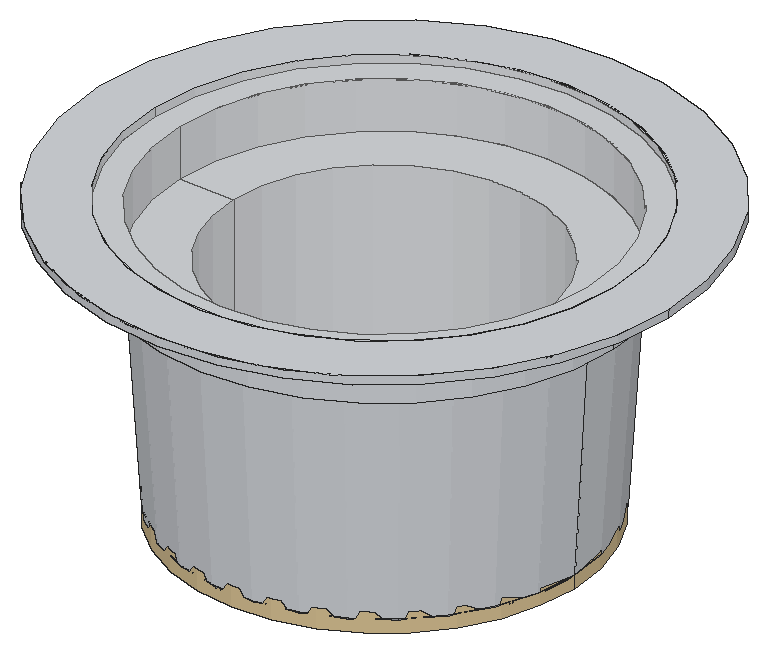
Revit family "Lighting-Terziario-GEWISS-ELIA-AL-LED_INCASSO_ACCENTO_D145", category Apparecchi per illuminazione, host Superficie, Revit 2019 (continued)
Types (16, lengths in mm): name | Temperatura di colore: | Temperatura di colore | Scheda Tecnica | Ottica | built-in parameter 1150142 | Lumen output (lm) | Model | IDT | File diagramma fotometrico | Description
  GWF1410GG840 - ELIA AL S2 40K 36° ST.ALONE ON/OFF CRI80 | "4000K" | "4000K" | "https://www.gewiss.com/it/it/search?q=GWF1410GG840" | "36°" | "IESNA:LM-63-1995\r\n[TEST] 1\r\n[DATE] 27 Nov 2019\r\n[MANUFAC] GEWISS\r\n[LUMCAT] GWF1410GG840\r\n[LUMINAIRE] ELIA AL - S2 36° LED840 18W\r\n[FLASHAREA] 0.002016\r\n[LAMPCAT] LED 18W/2030lm\r\n[LAMP] LED 18W/2030lm\r\nTILT=NONE\r\n1 2030.00 1.0 91 4 1 2 -0.103 0.000 0.000\r\n1.00 1.00 18.00\r\n0.00 1.00 2.00 3.00 4.00 5.00 6.00 7.00 8.00 9.00 10.00 \r\n11.00 12.00 13.00 14.00 15.00 16.00 17.00 18.00 19.00 \r\n20.00 21.00 22.00 23.00 24.00 25.00 26.00 27.00 28.00 \r\n29.00 30.00 31.00 32.00 33.00 34.00 35.00 36.00 37.00 \r\n38.00 39.00 40.00 41.00 42.00 43.00 44.00 45.00 46.00 \r\n47.00 48.00 49.00 50.00 51.00 52.00 53.00 54.00 55.00 \r\n56.00 57.00 58.00 59.00 60.00 61.00 62.00 63.00 64.00 \r\n65.00 66.00 67.00 68.00 69.00 70.00 71.00 72.00 73.00 \r\n74.00 75.00 76.00 77.00 78.00 79.00 80.00 81.00 82.00 \r\n83.00 84.00 85.00 86.00 87.00 88.00 89.00 90.00 \r\n0.00 30.00 60.00 90.00 \r\n4384.80 4371.60 4342.17 4301.57 4251.84 4183.83 4092.48 \r\n3996.05 3877.30 3746.36 3603.25 3442.88 3271.34 3088.64 \r\n2897.82 2707.00 2508.06 2312.37 2120.33 1936.21 1759.30 \r\n1595.78 1445.66 1301.74 1178.11 1066.36 965.57 877.97 \r\n799.01 728.87 666.75 611.13 560.79 515.01 474.21 436.96 \r\n400.82 368.34 337.59 309.27 280.04 253.04 226.18 197.86 \r\n169.18 140.09 111.73 87.76 67.22 48.19 32.87 23.25 17.20 \r\n11.67 7.91 5.84 4.59 3.70 3.04 2.51 2.13 1.83 1.55 1.38 \r\n1.24 1.11 1.05 1.00 0.94 0.90 0.83 0.80 0.74 0.69 0.65 \r\n0.59 0.54 0.49 0.41 0.34 0.25 0.16 0.11 0.04 0.00 0.00 \r\n0.00 0.00 0.00 0.00 0.00 \r\n4369.57 4361.45 4332.02 4294.46 4238.13 4173.17 4087.40 \r\n3989.96 3874.76 3740.27 3593.10 3431.71 3260.18 3077.99 \r\n2891.73 2699.90 2504.00 2309.18 2118.36 1932.10 1757.88 \r\n1593.40 1443.74 1306.46 1180.24 1068.03 968.06 879.35 \r\n800.68 731.00 668.53 613.92 565.20 520.59 480.96 443.91 \r\n410.31 377.33 347.43 319.07 290.54 262.86 236.01 206.14 \r\n176.79 146.31 116.01 89.18 66.30 46.79 32.01 22.44 16.02 \r\n10.52 7.30 5.52 4.38 3.60 2.99 2.51 2.13 1.82 1.54 1.36 \r\n1.24 1.13 1.06 1.02 0.98 0.90 0.85 0.81 0.75 0.71 0.65 \r\n0.60 0.54 0.48 0.41 0.33 0.25 0.15 0.08 0.04 0.00 0.00 \r\n0.00 0.00 0.00 0.00 0.00 \r\n4370.59 4360.44 4336.59 4295.48 4243.71 4177.23 4095.52 \r\n3993.01 3878.82 3741.80 3595.13 3432.22 3259.16 3080.02 \r\n2893.76 2701.93 2507.05 2312.47 2120.44 1938.45 1762.55 \r\n1599.49 1451.45 1314.63 1189.48 1076.51 975.57 886.40 \r\n806.67 737.04 675.23 620.88 572.92 529.93 491.67 456.39 \r\n423.81 392.70 362.86 333.88 306.58 278.58 250.39 220.55 \r\n189.44 156.68 123.06 91.23 64.50 45.12 31.61 21.67 14.00 \r\n9.26 6.75 5.29 4.29 3.54 2.98 2.54 2.14 1.79 1.54 1.37 \r\n1.25 1.16 1.10 1.04 0.98 0.93 0.87 0.83 0.77 0.72 0.67 \r\n0.62 0.56 0.49 0.43 0.35 0.25 0.18 0.12 0.05 0.00 0.00 \r\n0.00 0.00 0.00 0.00 0.00 \r\n4370.59 4359.42 4338.11 4298.52 4242.70 4176.72 4092.48 \r\n3988.95 3873.24 3746.36 3595.13 3431.71 3260.18 3078.49 \r\n2892.75 2703.96 2509.08 2315.21 2123.68 1939.36 1767.11 \r\n1606.74 1460.08 1317.88 1193.13 1079.86 978.76 888.84 \r\n810.07 739.33 676.80 622.30 575.40 533.48 496.23 459.39 \r\n427.72 397.27 367.02 338.60 311.60 283.98 255.13 224.89 \r\n192.92 159.33 123.50 89.24 60.62 42.72 31.53 21.00 12.88 \r\n8.78 6.64 5.25 4.29 3.56 3.01 2.57 2.16 1.80 1.57 1.36 \r\n1.26 1.18 1.12 1.06 1.00 0.96 0.89 0.84 0.79 0.75 0.68 \r\n0.63 0.57 0.50 0.44 0.36 0.26 0.19 0.14 0.03 0.00 0.00 \r\n0.00 0.00 0.00 0.00 0.00 \r\n" | "2030" | "GWF1410GG840" | "c74fc45e-5331-465a-8a47-f05de2238447" | "GWF1410GG840.IES" | "ELIA AL S2 40K 36° ST.ALONE ON/OFF CRI80"
  GWF1410GG940 - ELIA AL S2 40K 36° ST.ALONE ON/OFF CRI90 | "4000K" | "4000K" | "https://www.gewiss.com/it/it/search?q=GWF1410GG940" | "36°" | "IESNA:LM-63-1995\r\n[TEST] 1\r\n[DATE] 27 Nov 2019\r\n[MANUFAC] GEWISS\r\n[LUMCAT] GWF1410GG940\r\n[LUMINAIRE] ELIA AL - S2 36° LED940 18W\r\n[FLASHAREA] 0.002016\r\n[LAMPCAT] LED 18W/1700lm\r\n[LAMP] LED 18W/1700lm\r\nTILT=NONE\r\n1 1700.00 1.0 91 4 1 2 -0.103 0.000 0.000\r\n1.00 1.00 18.00\r\n0.00 1.00 2.00 3.00 4.00 5.00 6.00 7.00 8.00 9.00 10.00 \r\n11.00 12.00 13.00 14.00 15.00 16.00 17.00 18.00 19.00 \r\n20.00 21.00 22.00 23.00 24.00 25.00 26.00 27.00 28.00 \r\n29.00 30.00 31.00 32.00 33.00 34.00 35.00 36.00 37.00 \r\n38.00 39.00 40.00 41.00 42.00 43.00 44.00 45.00 46.00 \r\n47.00 48.00 49.00 50.00 51.00 52.00 53.00 54.00 55.00 \r\n56.00 57.00 58.00 59.00 60.00 61.00 62.00 63.00 64.00 \r\n65.00 66.00 67.00 68.00 69.00 70.00 71.00 72.00 73.00 \r\n74.00 75.00 76.00 77.00 78.00 79.00 80.00 81.00 82.00 \r\n83.00 84.00 85.00 86.00 87.00 88.00 89.00 90.00 \r\n0.00 30.00 60.00 90.00 \r\n3672.00 3660.95 3636.30 3602.30 3560.65 3503.70 3427.20 \r\n3346.45 3247.00 3137.35 3017.50 2883.20 2739.55 2586.55 \r\n2426.75 2266.95 2100.35 1936.47 1775.65 1621.46 1473.30 \r\n1336.37 1210.65 1090.13 986.60 893.01 808.60 735.25 \r\n669.12 610.38 558.37 511.79 469.63 431.29 397.12 365.93 \r\n335.66 308.46 282.71 259.00 234.51 211.91 189.41 165.70 \r\n141.68 117.32 93.57 73.49 56.30 40.36 27.53 19.47 14.40 \r\n9.78 6.63 4.89 3.84 3.10 2.54 2.10 1.78 1.53 1.30 1.15 \r\n1.04 0.93 0.88 0.83 0.78 0.75 0.70 0.67 0.62 0.58 0.54 \r\n0.49 0.46 0.41 0.34 0.28 0.21 0.13 0.09 0.04 0.00 0.00 \r\n0.00 0.00 0.00 0.00 0.00 \r\n3659.25 3652.45 3627.80 3596.35 3549.17 3494.78 3422.95 \r\n3341.35 3244.88 3132.25 3009.00 2873.85 2730.20 2577.63 \r\n2421.65 2261.00 2096.95 1933.79 1773.99 1618.02 1472.12 \r\n1334.37 1209.04 1094.08 988.38 894.41 810.69 736.40 \r\n670.52 612.17 559.85 514.12 473.32 435.96 402.77 371.75 \r\n343.61 315.99 290.95 267.20 243.31 220.13 197.64 172.63 \r\n148.05 122.52 97.16 74.68 55.52 39.18 26.81 18.79 13.41 \r\n8.81 6.11 4.62 3.67 3.01 2.50 2.10 1.79 1.52 1.29 1.14 \r\n1.04 0.95 0.89 0.85 0.82 0.75 0.71 0.67 0.63 0.60 0.54 \r\n0.50 0.46 0.40 0.34 0.28 0.21 0.13 0.06 0.04 0.00 0.00 \r\n0.00 0.00 0.00 0.00 0.00 \r\n3660.10 3651.60 3631.63 3597.20 3553.85 3498.17 3429.75 \r\n3343.90 3248.28 3133.53 3010.70 2874.28 2729.35 2579.32 \r\n2423.35 2262.70 2099.50 1936.56 1775.73 1623.33 1476.02 \r\n1339.47 1215.50 1100.92 996.12 901.51 816.98 742.30 \r\n675.54 617.23 565.46 519.95 479.78 443.79 411.74 382.20 \r\n354.92 328.86 303.88 279.61 256.74 233.29 209.68 184.70 \r\n158.64 131.21 103.05 76.40 54.02 37.79 26.47 18.14 11.73 \r\n7.75 5.66 4.43 3.59 2.97 2.49 2.12 1.79 1.50 1.29 1.15 \r\n1.04 0.97 0.92 0.87 0.82 0.78 0.73 0.69 0.65 0.60 0.56 \r\n0.52 0.47 0.41 0.36 0.29 0.21 0.15 0.10 0.04 0.00 0.00 \r\n0.00 0.00 0.00 0.00 0.00 \r\n3660.10 3650.75 3632.90 3599.75 3553.00 3497.75 3427.20 \r\n3340.50 3243.60 3137.35 3010.70 2873.85 2730.20 2578.05 \r\n2422.50 2264.40 2101.20 1938.85 1778.46 1624.10 1479.85 \r\n1345.55 1222.72 1103.64 999.17 904.32 819.65 744.35 \r\n678.38 619.14 566.78 521.13 481.86 446.76 415.56 384.71 \r\n358.19 332.69 307.36 283.56 260.95 237.81 213.66 188.33 \r\n161.56 133.43 103.42 74.73 50.76 35.78 26.40 17.58 10.78 \r\n7.35 5.56 4.40 3.59 2.98 2.52 2.15 1.81 1.51 1.31 1.14 \r\n1.06 0.99 0.94 0.89 0.84 0.80 0.75 0.70 0.67 0.63 0.57 \r\n0.53 0.48 0.42 0.37 0.30 0.22 0.16 0.12 0.03 0.00 0.00 \r\n0.00 0.00 0.00 0.00 0.00 \r\n" | "1800" | "GWF1410GG940" | "f75aa58f-56a7-48f4-a8f0-7e059a3f3fe6" | "GWF1410GG940.IES" | "ELIA AL S2 40K 36° ST.ALONE ON/OFF CRI90"
  GWF1411GH840 - ELIA AL S2 40K 60° ST.ALONE DALI CRI80 | "4000K" | "4000K" | "https://www.gewiss.com/it/it/search?q=GWF1411GH840" | "60°" | "IESNA:LM-63-1995\r\n[TEST] 1\r\n[DATE] 27 Nov 2019\r\n[MANUFAC] GEWISS\r\n[LUMCAT] GWF1411GH840\r\n[LUMINAIRE] ELIA AL - S2 60° LED840 18W - DALI\r\n[FLASHAREA] 0.002016\r\n[LAMPCAT] LED 18W/2120lm\r\n[LAMP] LED 18W/2120lm\r\nTILT=NONE\r\n1 2120.00 1.0 91 4 1 2 -0.103 0.000 0.000\r\n1.00 1.00 18.00\r\n0.00 1.00 2.00 3.00 4.00 5.00 6.00 7.00 8.00 9.00 10.00 \r\n11.00 12.00 13.00 14.00 15.00 16.00 17.00 18.00 19.00 \r\n20.00 21.00 22.00 23.00 24.00 25.00 26.00 27.00 28.00 \r\n29.00 30.00 31.00 32.00 33.00 34.00 35.00 36.00 37.00 \r\n38.00 39.00 40.00 41.00 42.00 43.00 44.00 45.00 46.00 \r\n47.00 48.00 49.00 50.00 51.00 52.00 53.00 54.00 55.00 \r\n56.00 57.00 58.00 59.00 60.00 61.00 62.00 63.00 64.00 \r\n65.00 66.00 67.00 68.00 69.00 70.00 71.00 72.00 73.00 \r\n74.00 75.00 76.00 77.00 78.00 79.00 80.00 81.00 82.00 \r\n83.00 84.00 85.00 86.00 87.00 88.00 89.00 90.00 \r\n0.00 30.00 60.00 90.00 \r\n2524.92 2527.04 2530.22 2533.40 2534.46 2530.22 2521.74 \r\n2510.08 2498.42 2484.64 2471.92 2458.14 2439.06 2414.68 \r\n2385.00 2347.90 2300.20 2244.02 2180.42 2107.17 2028.20 \r\n1942.87 1852.14 1754.94 1653.81 1547.71 1439.59 1334.43 \r\n1225.57 1117.03 1011.03 911.18 820.97 739.67 666.32 \r\n600.28 540.60 487.28 438.52 393.37 351.71 312.91 276.87 \r\n242.32 209.48 176.86 145.51 115.06 87.47 65.61 48.39 \r\n34.57 23.60 16.37 11.20 7.23 4.60 3.01 2.37 2.02 1.76 \r\n1.58 1.39 1.22 1.10 1.00 0.94 0.89 0.84 0.80 0.75 0.72 \r\n0.68 0.64 0.59 0.54 0.50 0.45 0.39 0.32 0.25 0.19 0.12 \r\n0.06 0.00 0.00 0.00 0.00 0.00 0.00 0.00 \r\n2512.20 2514.32 2518.03 2519.62 2516.97 2511.14 2503.72 \r\n2494.18 2483.58 2470.86 2459.20 2443.30 2424.22 2398.25 \r\n2367.51 2329.88 2282.71 2227.06 2163.57 2092.86 2015.43 \r\n1931.48 1842.81 1748.42 1649.31 1545.80 1439.22 1332.37 \r\n1225.31 1117.56 1010.92 912.71 823.04 741.79 669.66 \r\n604.25 544.95 491.63 442.97 398.03 355.84 316.78 280.74 \r\n246.19 212.77 180.19 148.57 117.53 89.16 66.45 49.31 \r\n35.08 23.73 16.41 11.28 7.30 4.53 3.03 2.36 1.98 1.75 \r\n1.58 1.39 1.22 1.08 0.99 0.93 0.88 0.83 0.78 0.75 0.71 \r\n0.67 0.62 0.59 0.54 0.49 0.43 0.39 0.33 0.26 0.18 0.10 \r\n0.05 0.00 0.00 0.00 0.00 0.00 0.00 0.00 \r\n2512.20 2513.79 2517.50 2519.62 2516.97 2512.20 2501.60 \r\n2489.94 2478.28 2466.09 2454.43 2439.59 2419.98 2395.60 \r\n2364.86 2327.76 2281.12 2225.47 2162.03 2091.22 2013.89 \r\n1929.84 1840.96 1746.40 1646.66 1542.62 1436.35 1329.45 \r\n1224.67 1119.15 1013.20 913.77 823.51 741.95 669.66 \r\n604.47 545.85 492.85 444.56 400.36 357.86 318.69 283.55 \r\n248.68 214.38 181.64 149.48 118.15 89.04 66.31 49.70 \r\n35.09 23.84 16.48 11.37 7.38 4.47 3.10 2.36 2.00 1.78 \r\n1.60 1.41 1.24 1.09 1.01 0.96 0.90 0.84 0.80 0.76 0.72 \r\n0.67 0.64 0.60 0.55 0.51 0.45 0.40 0.33 0.27 0.20 0.11 \r\n0.03 0.00 0.00 0.00 0.00 0.00 0.00 0.00 \r\n2512.20 2513.26 2518.56 2520.68 2520.68 2514.32 2503.72 \r\n2489.94 2476.16 2463.44 2448.60 2434.82 2414.68 2391.36 \r\n2361.68 2323.52 2275.82 2220.70 2155.51 2085.76 2007.85 \r\n1924.01 1835.18 1741.26 1642.15 1538.48 1432.27 1325.00 \r\n1222.92 1117.56 1011.24 911.92 822.45 741.68 669.92 \r\n604.52 545.58 492.58 444.78 400.57 358.07 319.27 284.40 \r\n250.27 215.05 182.26 149.59 118.44 88.82 65.97 49.80 \r\n34.93 23.87 16.54 11.48 7.47 4.43 3.16 2.40 2.04 1.82 \r\n1.65 1.47 1.29 1.12 1.05 0.98 0.92 0.87 0.82 0.78 0.73 \r\n0.69 0.65 0.62 0.56 0.51 0.46 0.40 0.35 0.27 0.20 0.11 \r\n0.02 0.00 0.00 0.00 0.00 0.00 0.00 0.00 \r\n" | "2120" | "GWF1411GH840" | "667133ee-599f-45c0-937f-e0b86aa15917" | "GWF1411GH840.IES" | "ELIA AL S2 40K 60° ST.ALONE DALI CRI80"
  GWF1411GH940 - ELIA AL S2 40K 60° ST.ALONE DALI CRI90 | "4000K" | "4000K" | "https://www.gewiss.com/it/it/search?q=GWF1411GH940" | "60°" | "IESNA:LM-63-1995\r\n[TEST] 1\r\n[DATE] 27 Nov 2019\r\n[MANUFAC] GEWISS\r\n[LUMCAT] GWF1411GH940\r\n[LUMINAIRE] ELIA AL - S2 60° LED940 18W - DALI\r\n[FLASHAREA] 0.002016\r\n[LAMPCAT] LED 18W/1800lm\r\n[LAMP] LED 18W/1800lm\r\nTILT=NONE\r\n1 1800.00 1.0 91 4 1 2 -0.103 0.000 0.000\r\n1.00 1.00 18.00\r\n0.00 1.00 2.00 3.00 4.00 5.00 6.00 7.00 8.00 9.00 10.00 \r\n11.00 12.00 13.00 14.00 15.00 16.00 17.00 18.00 19.00 \r\n20.00 21.00 22.00 23.00 24.00 25.00 26.00 27.00 28.00 \r\n29.00 30.00 31.00 32.00 33.00 34.00 35.00 36.00 37.00 \r\n38.00 39.00 40.00 41.00 42.00 43.00 44.00 45.00 46.00 \r\n47.00 48.00 49.00 50.00 51.00 52.00 53.00 54.00 55.00 \r\n56.00 57.00 58.00 59.00 60.00 61.00 62.00 63.00 64.00 \r\n65.00 66.00 67.00 68.00 69.00 70.00 71.00 72.00 73.00 \r\n74.00 75.00 76.00 77.00 78.00 79.00 80.00 81.00 82.00 \r\n83.00 84.00 85.00 86.00 87.00 88.00 89.00 90.00 \r\n0.00 30.00 60.00 90.00 \r\n2143.80 2145.60 2148.30 2151.00 2151.90 2148.30 2141.10 \r\n2131.20 2121.30 2109.60 2098.80 2087.10 2070.90 2050.20 \r\n2025.00 1993.50 1953.00 1905.30 1851.30 1789.11 1722.06 \r\n1649.61 1572.57 1490.04 1404.18 1314.09 1222.29 1133.01 \r\n1040.58 948.42 858.42 773.64 697.05 628.02 565.74 509.67 \r\n459.00 413.73 372.33 333.99 298.62 265.68 235.08 205.74 \r\n177.86 150.16 123.54 97.69 74.27 55.71 41.09 29.35 20.04 \r\n13.90 9.51 6.14 3.91 2.56 2.01 1.71 1.49 1.34 1.18 1.03 \r\n0.93 0.85 0.80 0.75 0.71 0.68 0.63 0.61 0.57 0.54 0.50 \r\n0.46 0.42 0.38 0.33 0.27 0.21 0.16 0.10 0.05 0.00 0.00 \r\n0.00 0.00 0.00 0.00 0.00 \r\n2133.00 2134.80 2137.95 2139.30 2137.05 2132.10 2125.80 \r\n2117.70 2108.70 2097.90 2088.00 2074.50 2058.30 2036.25 \r\n2010.15 1978.20 1938.15 1890.90 1836.99 1776.96 1711.21 \r\n1639.94 1564.65 1484.51 1400.36 1312.47 1221.98 1131.26 \r\n1040.36 948.87 858.33 774.94 698.81 629.82 568.58 513.04 \r\n462.69 417.42 376.11 337.95 302.13 268.97 238.37 209.03 \r\n180.66 152.99 126.15 99.79 75.70 56.42 41.86 29.79 20.15 \r\n13.93 9.58 6.20 3.85 2.57 2.00 1.68 1.49 1.34 1.18 1.03 \r\n0.92 0.84 0.79 0.75 0.70 0.67 0.63 0.60 0.57 0.53 0.50 \r\n0.46 0.41 0.37 0.33 0.28 0.22 0.16 0.09 0.04 0.00 0.00 \r\n0.00 0.00 0.00 0.00 0.00 \r\n2133.00 2134.35 2137.50 2139.30 2137.05 2133.00 2124.00 \r\n2114.10 2104.20 2093.85 2083.95 2071.35 2054.70 2034.00 \r\n2007.90 1976.40 1936.80 1889.55 1835.69 1775.57 1709.91 \r\n1638.54 1563.08 1482.80 1398.11 1309.77 1219.55 1128.78 \r\n1039.82 950.22 860.26 775.85 699.21 629.96 568.58 513.23 \r\n463.46 418.45 377.46 339.93 303.84 270.58 240.75 211.14 \r\n182.02 154.22 126.92 100.32 75.60 56.30 42.20 29.79 20.24 \r\n13.99 9.65 6.27 3.80 2.63 2.00 1.69 1.51 1.36 1.20 1.05 \r\n0.93 0.85 0.81 0.76 0.72 0.68 0.64 0.61 0.57 0.54 0.51 \r\n0.46 0.43 0.38 0.34 0.28 0.23 0.17 0.10 0.02 0.00 0.00 \r\n0.00 0.00 0.00 0.00 0.00 \r\n2133.00 2133.90 2138.40 2140.20 2140.20 2134.80 2125.80 \r\n2114.10 2102.40 2091.60 2079.00 2067.30 2050.20 2030.40 \r\n2005.20 1972.80 1932.30 1885.50 1830.15 1770.93 1704.78 \r\n1633.59 1558.17 1478.43 1394.28 1306.26 1216.08 1125.00 \r\n1038.33 948.87 858.60 774.27 698.31 629.73 568.80 513.27 \r\n463.23 418.23 377.64 340.11 304.02 271.08 241.47 212.49 \r\n182.59 154.75 127.01 100.57 75.41 56.02 42.28 29.66 20.27 \r\n14.05 9.74 6.34 3.76 2.68 2.04 1.73 1.54 1.40 1.24 1.10 \r\n0.95 0.89 0.83 0.78 0.73 0.70 0.66 0.62 0.59 0.55 0.52 \r\n0.47 0.44 0.39 0.34 0.30 0.23 0.17 0.10 0.02 0.00 0.00 \r\n0.00 0.00 0.00 0.00 0.00 \r\n" | "1900" | "GWF1411GH940" | "40448338-f630-44a4-b37d-0c013efb62a7" | "GWF1411GH940.IES" | "ELIA AL S2 40K 60° ST.ALONE DALI CRI90"
  GWF1410GH840 - ELIA AL S2 40K 60° ST.ALONE ON/OFF CRI80 | "4000K" | "4000K" | "https://www.gewiss.com/it/it/search?q=GWF1410GH840" | "60°" | "IESNA:LM-63-1995\r\n[TEST] 1\r\n[DATE] 27 Nov 2019\r\n[MANUFAC] GEWISS\r\n[LUMCAT] GWF1410GH840\r\n[LUMINAIRE] ELIA AL - S2 60° LED840 18W\r\n[FLASHAREA] 0.002016\r\n[LAMPCAT] LED 18W/2120lm\r\n[LAMP] LED 18W/2120lm\r\nTILT=NONE\r\n1 2120.00 1.0 91 4 1 2 -0.103 0.000 0.000\r\n1.00 1.00 18.00\r\n0.00 1.00 2.00 3.00 4.00 5.00 6.00 7.00 8.00 9.00 10.00 \r\n11.00 12.00 13.00 14.00 15.00 16.00 17.00 18.00 19.00 \r\n20.00 21.00 22.00 23.00 24.00 25.00 26.00 27.00 28.00 \r\n29.00 30.00 31.00 32.00 33.00 34.00 35.00 36.00 37.00 \r\n38.00 39.00 40.00 41.00 42.00 43.00 44.00 45.00 46.00 \r\n47.00 48.00 49.00 50.00 51.00 52.00 53.00 54.00 55.00 \r\n56.00 57.00 58.00 59.00 60.00 61.00 62.00 63.00 64.00 \r\n65.00 66.00 67.00 68.00 69.00 70.00 71.00 72.00 73.00 \r\n74.00 75.00 76.00 77.00 78.00 79.00 80.00 81.00 82.00 \r\n83.00 84.00 85.00 86.00 87.00 88.00 89.00 90.00 \r\n0.00 30.00 60.00 90.00 \r\n2524.92 2527.04 2530.22 2533.40 2534.46 2530.22 2521.74 \r\n2510.08 2498.42 2484.64 2471.92 2458.14 2439.06 2414.68 \r\n2385.00 2347.90 2300.20 2244.02 2180.42 2107.17 2028.20 \r\n1942.87 1852.14 1754.94 1653.81 1547.71 1439.59 1334.43 \r\n1225.57 1117.03 1011.03 911.18 820.97 739.67 666.32 \r\n600.28 540.60 487.28 438.52 393.37 351.71 312.91 276.87 \r\n242.32 209.48 176.86 145.51 115.06 87.47 65.61 48.39 \r\n34.57 23.60 16.37 11.20 7.23 4.60 3.01 2.37 2.02 1.76 \r\n1.58 1.39 1.22 1.10 1.00 0.94 0.89 0.84 0.80 0.75 0.72 \r\n0.68 0.64 0.59 0.54 0.50 0.45 0.39 0.32 0.25 0.19 0.12 \r\n0.06 0.00 0.00 0.00 0.00 0.00 0.00 0.00 \r\n2512.20 2514.32 2518.03 2519.62 2516.97 2511.14 2503.72 \r\n2494.18 2483.58 2470.86 2459.20 2443.30 2424.22 2398.25 \r\n2367.51 2329.88 2282.71 2227.06 2163.57 2092.86 2015.43 \r\n1931.48 1842.81 1748.42 1649.31 1545.80 1439.22 1332.37 \r\n1225.31 1117.56 1010.92 912.71 823.04 741.79 669.66 \r\n604.25 544.95 491.63 442.97 398.03 355.84 316.78 280.74 \r\n246.19 212.77 180.19 148.57 117.53 89.16 66.45 49.31 \r\n35.08 23.73 16.41 11.28 7.30 4.53 3.03 2.36 1.98 1.75 \r\n1.58 1.39 1.22 1.08 0.99 0.93 0.88 0.83 0.78 0.75 0.71 \r\n0.67 0.62 0.59 0.54 0.49 0.43 0.39 0.33 0.26 0.18 0.10 \r\n0.05 0.00 0.00 0.00 0.00 0.00 0.00 0.00 \r\n2512.20 2513.79 2517.50 2519.62 2516.97 2512.20 2501.60 \r\n2489.94 2478.28 2466.09 2454.43 2439.59 2419.98 2395.60 \r\n2364.86 2327.76 2281.12 2225.47 2162.03 2091.22 2013.89 \r\n1929.84 1840.96 1746.40 1646.66 1542.62 1436.35 1329.45 \r\n1224.67 1119.15 1013.20 913.77 823.51 741.95 669.66 \r\n604.47 545.85 492.85 444.56 400.36 357.86 318.69 283.55 \r\n248.68 214.38 181.64 149.48 118.15 89.04 66.31 49.70 \r\n35.09 23.84 16.48 11.37 7.38 4.47 3.10 2.36 2.00 1.78 \r\n1.60 1.41 1.24 1.09 1.01 0.96 0.90 0.84 0.80 0.76 0.72 \r\n0.67 0.64 0.60 0.55 0.51 0.45 0.40 0.33 0.27 0.20 0.11 \r\n0.03 0.00 0.00 0.00 0.00 0.00 0.00 0.00 \r\n2512.20 2513.26 2518.56 2520.68 2520.68 2514.32 2503.72 \r\n2489.94 2476.16 2463.44 2448.60 2434.82 2414.68 2391.36 \r\n2361.68 2323.52 2275.82 2220.70 2155.51 2085.76 2007.85 \r\n1924.01 1835.18 1741.26 1642.15 1538.48 1432.27 1325.00 \r\n1222.92 1117.56 1011.24 911.92 822.45 741.68 669.92 \r\n604.52 545.58 492.58 444.78 400.57 358.07 319.27 284.40 \r\n250.27 215.05 182.26 149.59 118.44 88.82 65.97 49.80 \r\n34.93 23.87 16.54 11.48 7.47 4.43 3.16 2.40 2.04 1.82 \r\n1.65 1.47 1.29 1.12 1.05 0.98 0.92 0.87 0.82 0.78 0.73 \r\n0.69 0.65 0.62 0.56 0.51 0.46 0.40 0.35 0.27 0.20 0.11 \r\n0.02 0.00 0.00 0.00 0.00 0.00 0.00 0.00 \r\n" | "2120" | "GWF1410GH840" | "16aa70c8-4c66-460e-92ca-840148c706a6" | "GWF1410GH840.IES" | "ELIA AL S2 40K 60° ST.ALONE ON/OFF CRI80"
  GWF1410GH940 - ELIA AL S2 40K 60° ST.ALONE ON/OFF CRI90 | "4000K" | "4000K" | "https://www.gewiss.com/it/it/search?q=GWF1410GH940" | "60°" | "IESNA:LM-63-1995\r\n[TEST] 1\r\n[DATE] 27 Nov 2019\r\n[MANUFAC] GEWISS\r\n[LUMCAT] GWF1410GH940\r\n[LUMINAIRE] ELIA AL - S2 60° LED940 18W\r\n[FLASHAREA] 0.002016\r\n[LAMPCAT] LED 18W/1800lm\r\n[LAMP] LED 18W/1800lm\r\nTILT=NONE\r\n1 1800.00 1.0 91 4 1 2 -0.103 0.000 0.000\r\n1.00 1.00 18.00\r\n0.00 1.00 2.00 3.00 4.00 5.00 6.00 7.00 8.00 9.00 10.00 \r\n11.00 12.00 13.00 14.00 15.00 16.00 17.00 18.00 19.00 \r\n20.00 21.00 22.00 23.00 24.00 25.00 26.00 27.00 28.00 \r\n29.00 30.00 31.00 32.00 33.00 34.00 35.00 36.00 37.00 \r\n38.00 39.00 40.00 41.00 42.00 43.00 44.00 45.00 46.00 \r\n47.00 48.00 49.00 50.00 51.00 52.00 53.00 54.00 55.00 \r\n56.00 57.00 58.00 59.00 60.00 61.00 62.00 63.00 64.00 \r\n65.00 66.00 67.00 68.00 69.00 70.00 71.00 72.00 73.00 \r\n74.00 75.00 76.00 77.00 78.00 79.00 80.00 81.00 82.00 \r\n83.00 84.00 85.00 86.00 87.00 88.00 89.00 90.00 \r\n0.00 30.00 60.00 90.00 \r\n2143.80 2145.60 2148.30 2151.00 2151.90 2148.30 2141.10 \r\n2131.20 2121.30 2109.60 2098.80 2087.10 2070.90 2050.20 \r\n2025.00 1993.50 1953.00 1905.30 1851.30 1789.11 1722.06 \r\n1649.61 1572.57 1490.04 1404.18 1314.09 1222.29 1133.01 \r\n1040.58 948.42 858.42 773.64 697.05 628.02 565.74 509.67 \r\n459.00 413.73 372.33 333.99 298.62 265.68 235.08 205.74 \r\n177.86 150.16 123.54 97.69 74.27 55.71 41.09 29.35 20.04 \r\n13.90 9.51 6.14 3.91 2.56 2.01 1.71 1.49 1.34 1.18 1.03 \r\n0.93 0.85 0.80 0.75 0.71 0.68 0.63 0.61 0.57 0.54 0.50 \r\n0.46 0.42 0.38 0.33 0.27 0.21 0.16 0.10 0.05 0.00 0.00 \r\n0.00 0.00 0.00 0.00 0.00 \r\n2133.00 2134.80 2137.95 2139.30 2137.05 2132.10 2125.80 \r\n2117.70 2108.70 2097.90 2088.00 2074.50 2058.30 2036.25 \r\n2010.15 1978.20 1938.15 1890.90 1836.99 1776.96 1711.21 \r\n1639.94 1564.65 1484.51 1400.36 1312.47 1221.98 1131.26 \r\n1040.36 948.87 858.33 774.94 698.81 629.82 568.58 513.04 \r\n462.69 417.42 376.11 337.95 302.13 268.97 238.37 209.03 \r\n180.66 152.99 126.15 99.79 75.70 56.42 41.86 29.79 20.15 \r\n13.93 9.58 6.20 3.85 2.57 2.00 1.68 1.49 1.34 1.18 1.03 \r\n0.92 0.84 0.79 0.75 0.70 0.67 0.63 0.60 0.57 0.53 0.50 \r\n0.46 0.41 0.37 0.33 0.28 0.22 0.16 0.09 0.04 0.00 0.00 \r\n0.00 0.00 0.00 0.00 0.00 \r\n2133.00 2134.35 2137.50 2139.30 2137.05 2133.00 2124.00 \r\n2114.10 2104.20 2093.85 2083.95 2071.35 2054.70 2034.00 \r\n2007.90 1976.40 1936.80 1889.55 1835.69 1775.57 1709.91 \r\n1638.54 1563.08 1482.80 1398.11 1309.77 1219.55 1128.78 \r\n1039.82 950.22 860.26 775.85 699.21 629.96 568.58 513.23 \r\n463.46 418.45 377.46 339.93 303.84 270.58 240.75 211.14 \r\n182.02 154.22 126.92 100.32 75.60 56.30 42.20 29.79 20.24 \r\n13.99 9.65 6.27 3.80 2.63 2.00 1.69 1.51 1.36 1.20 1.05 \r\n0.93 0.85 0.81 0.76 0.72 0.68 0.64 0.61 0.57 0.54 0.51 \r\n0.46 0.43 0.38 0.34 0.28 0.23 0.17 0.10 0.02 0.00 0.00 \r\n0.00 0.00 0.00 0.00 0.00 \r\n2133.00 2133.90 2138.40 2140.20 2140.20 2134.80 2125.80 \r\n2114.10 2102.40 2091.60 2079.00 2067.30 2050.20 2030.40 \r\n2005.20 1972.80 1932.30 1885.50 1830.15 1770.93 1704.78 \r\n1633.59 1558.17 1478.43 1394.28 1306.26 1216.08 1125.00 \r\n1038.33 948.87 858.60 774.27 698.31 629.73 568.80 513.27 \r\n463.23 418.23 377.64 340.11 304.02 271.08 241.47 212.49 \r\n182.59 154.75 127.01 100.57 75.41 56.02 42.28 29.66 20.27 \r\n14.05 9.74 6.34 3.76 2.68 2.04 1.73 1.54 1.40 1.24 1.10 \r\n0.95 0.89 0.83 0.78 0.73 0.70 0.66 0.62 0.59 0.55 0.52 \r\n0.47 0.44 0.39 0.34 0.30 0.23 0.17 0.10 0.02 0.00 0.00 \r\n0.00 0.00 0.00 0.00 0.00 \r\n" | "1900" | "GWF1410GH940" | "6da8cdea-4e7c-4616-b272-1b847f96dca8" | "GWF1410GH940.IES" | "ELIA AL S2 40K 60° ST.ALONE ON/OFF CRI90"
